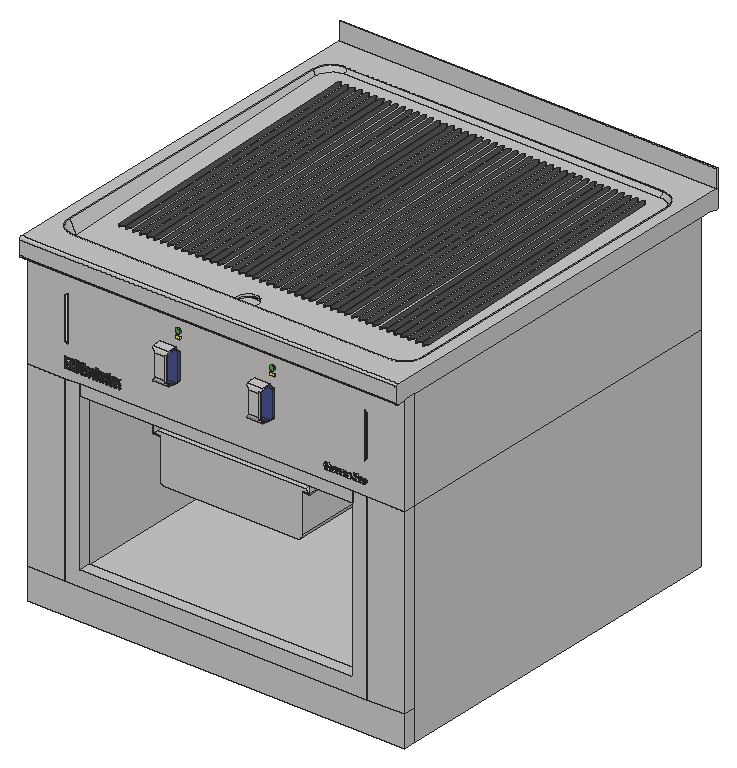
Revit family "QF_ELECTROLUXPROFESSIONAL_588670_MBHDGBHDAO", category Attrezzature speciali, Revit 2020 (continued)
Definition of nested family "Front_Panel_W800_2 Knobs_2Spie"
  Definition of nested family "ELX_Professional_Logo_Small"
    Forms (mm)
      Extrusion 2, solid, material <- "Material_Logo"
        sketch origin (15.5, 0, 0) x (1, 0, 0) y (0, 1, 0)
          loop
            spline (26.308, -1.569) -> (25.99, -1.554) -> (25.688, -1.509) -> (25.404, -1.434) -> (25.141, -1.326) -> (24.9, -1.187) -> (24.684, -1.014) -> (24.496, -0.807) -> (24.336, -0.565) -> (24.209, -0.288) -> (24.115, 0.026) -> (24.057, 0.376) -> (24.037, 0.765)
            line (24.037, 0.765) -> (24.037, 6.838) -> (21.537, 6.838) -> (21.537, 0.558)
            spline (21.537, 0.558) -> (21.581, -0.153) -> (21.71, -0.8) -> (21.916, -1.384) -> (22.195, -1.904) -> (22.54, -2.362) -> (22.944, -2.757) -> (23.403, -3.09) -> (23.909, -3.362) -> (24.456, -3.572) -> (25.04, -3.722) -> (25.652, -3.811) -> (26.288, -3.841)
            spline (26.288, -3.841) -> (26.929, -3.811) -> (27.547, -3.72) -> (28.135, -3.568) -> (28.687, -3.355) -> (29.197, -3.079) -> (29.66, -2.741) -> (30.068, -2.341) -> (30.415, -1.877) -> (30.696, -1.349) -> (30.905, -0.757) -> (31.034, -0.101) -> (31.079, 0.621)
            line (31.079, 0.621) -> (31.079, 6.838) -> (28.581, 6.838)
          loop
            line (40.457, -0.243) -> (38.894, 1.942) -> (40.83, 4.579) -> (42.488, 6.837) -> (39.782, 6.837) -> (37.53, 3.719) -> (35.258, 6.837) -> (32.573, 6.837) -> (34.113, 4.731) -> (36.167, 1.922) -> (34.014, -1.076) -> (32.222, -3.573) -> (34.887, -3.573) -> (37.53, 0.104) -> (40.174, -3.573) -> (42.839, -3.573) -> (40.457, -0.243)
          loop
            line (-46.121, -5.837) -> (-48.039, -5.837) -> (-48.039, -10.814) -> (-47.016, -10.814) -> (-47.016, -9.128) -> (-46.121, -9.128)
            arc (-46.121, -9.128) -> (-44.476, -7.482) -> (-46.121, -5.837) r 1.645
          loop
            line (-46.163, -6.778) -> (-47.016, -6.778) -> (-47.016, -8.187) -> (-46.163, -8.187)
            arc (-46.163, -8.187) -> (-45.458, -7.482) -> (-46.163, -6.778) r 0.704
          loop
            line (-38.313, -5.837) -> (-40.265, -5.837) -> (-40.265, -10.814) -> (-39.241, -10.814) -> (-39.241, -9.1) -> (-38.46, -9.182) -> (-37.48, -10.814) -> (-36.318, -10.814) -> (-37.513, -8.848)
            arc (-37.513, -8.848) -> (-36.888, -8.266) -> (-36.671, -7.441) r 1.536
            arc (-36.671, -7.441) -> (-37.165, -6.305) -> (-38.313, -5.837) r 1.643
          loop
            arc (-38.402, -8.166) -> (-37.707, -7.505) -> (-38.334, -6.778) r 0.696
            line (-38.334, -6.778) -> (-39.241, -6.778) -> (-39.241, -8.166) -> (-38.402, -8.166)
          loop
            circle (-29.965, -8.325) r 2.585
          loop
            circle (-29.965, -8.325) r 1.64
          loop
            line (-23.1, -5.837) -> (-23.1, -10.814) -> (-22.076, -10.814) -> (-22.076, -8.768) -> (-20.204, -8.768) -> (-20.204, -7.828) -> (-22.076, -7.828) -> (-22.076, -6.778) -> (-20.024, -6.778) -> (-20.024, -5.837) -> (-23.1, -5.837)
          loop
            line (-15.802, -5.837) -> (-15.802, -9.2)
            arc (-15.802, -9.2) -> (-15.343, -10.34) -> (-14.209, -10.814) r 1.593
            line (-14.209, -10.814) -> (-12.602, -10.814) -> (-12.602, -10.027) -> (-14.004, -10.027)
            arc (-14.004, -10.027) -> (-14.552, -9.8) -> (-14.779, -9.252) r 0.775
            line (-14.779, -9.252) -> (-14.779, -8.424) -> (-12.789, -8.424) -> (-12.789, -7.642) -> (-14.779, -7.642) -> (-14.779, -6.778) -> (-12.651, -6.778) -> (-12.651, -5.837) -> (-15.802, -5.837)
          loop
            line (-5.909, -7.143) -> (-5.173, -6.638)
            arc (-5.173, -6.638) -> (-5.855, -5.974) -> (-6.781, -5.755) r 1.782
            arc (-6.781, -5.755) -> (-7.397, -5.878) -> (-7.944, -6.189) r 1.974
            arc (-7.944, -6.189) -> (-8.202, -6.5) -> (-8.317, -6.888) r 1.013
            arc (-8.317, -6.888) -> (-8.306, -7.341) -> (-8.192, -7.78) r 1.985
            arc (-8.192, -7.78) -> (-7.749, -8.259) -> (-7.171, -8.563) r 1.928
            arc (-7.171, -8.563) -> (-6.637, -8.779) -> (-6.131, -9.056) r 5.041
            arc (-6.131, -9.056) -> (-5.934, -9.387) -> (-6.09, -9.74) r 0.42
            arc (-6.09, -9.74) -> (-6.631, -9.96) -> (-7.204, -9.845) r 1.016
            arc (-7.204, -9.845) -> (-7.625, -9.603) -> (-7.889, -9.196) r 1.033
            line (-7.889, -9.196) -> (-8.67, -9.686)
            arc (-8.67, -9.686) -> (-8.361, -10.198) -> (-7.908, -10.589) r 1.914
            arc (-7.908, -10.589) -> (-7.334, -10.834) -> (-6.714, -10.896) r 2.063
            arc (-6.714, -10.896) -> (-5.947, -10.743) -> (-5.256, -10.376) r 2.696
            arc (-5.256, -10.376) -> (-4.95, -9.565) -> (-5.108, -8.712) r 1.618
            arc (-5.108, -8.712) -> (-5.448, -8.319) -> (-5.884, -8.035) r 1.876
            arc (-5.884, -8.035) -> (-6.434, -7.789) -> (-6.999, -7.577) r 9.883
            arc (-6.999, -7.577) -> (-7.325, -7.07) -> (-6.854, -6.694) r 0.45
            arc (-6.854, -6.694) -> (-6.329, -6.809) -> (-5.909, -7.143) r 1.197
          loop
            line (1.61, -7.143) -> (2.345, -6.638)
            arc (2.345, -6.638) -> (1.663, -5.974) -> (0.737, -5.755) r 1.782
            arc (0.737, -5.755) -> (0.121, -5.878) -> (-0.425, -6.189) r 1.974
            arc (-0.425, -6.189) -> (-0.683, -6.5) -> (-0.799, -6.888) r 1.013
            arc (-0.799, -6.888) -> (-0.788, -7.341) -> (-0.674, -7.78) r 1.985
            arc (-0.674, -7.78) -> (-0.231, -8.259) -> (0.347, -8.563) r 1.928
            arc (0.347, -8.563) -> (0.881, -8.779) -> (1.387, -9.056) r 5.041
            arc (1.387, -9.056) -> (1.584, -9.387) -> (1.428, -9.74) r 0.42
            arc (1.428, -9.74) -> (0.887, -9.96) -> (0.314, -9.845) r 1.016
            arc (0.314, -9.845) -> (-0.107, -9.603) -> (-0.371, -9.196) r 1.033
            line (-0.371, -9.196) -> (-1.152, -9.686)
            arc (-1.152, -9.686) -> (-0.842, -10.198) -> (-0.39, -10.589) r 1.914
            arc (-0.39, -10.589) -> (0.184, -10.834) -> (0.804, -10.896) r 2.063
            arc (0.804, -10.896) -> (1.572, -10.743) -> (2.263, -10.376) r 2.696
            arc (2.263, -10.376) -> (2.568, -9.565) -> (2.411, -8.712) r 1.618
            arc (2.411, -8.712) -> (2.07, -8.319) -> (1.635, -8.035) r 1.876
            arc (1.635, -8.035) -> (1.084, -7.789) -> (0.519, -7.577) r 9.883
            arc (0.519, -7.577) -> (0.193, -7.07) -> (0.665, -6.694) r 0.45
            arc (0.665, -6.694) -> (1.189, -6.809) -> (1.61, -7.143) r 1.197
          loop
            line (6.801, -5.837) -> (6.801, -10.814) -> (7.825, -10.814) -> (7.825, -5.837) -> (6.801, -5.837)
          loop
            circle (14.724, -8.325) r 1.548
          loop
            circle (14.724, -8.325) r 2.585
          loop
            line (21.59, -10.814) -> (22.623, -10.814) -> (22.623, -7.685) -> (24.9, -10.814) -> (25.895, -10.814) -> (25.895, -5.837) -> (24.861, -5.837) -> (24.861, -9.061) -> (22.585, -5.837) -> (21.59, -5.837) -> (21.59, -10.814)
          loop
            line (31.054, -10.814) -> (31.539, -9.74) -> (33.38, -9.74) -> (33.865, -10.814) -> (34.965, -10.814) -> (32.46, -5.837) -> (29.956, -10.814) -> (31.054, -10.814)
          loop
            line (32.46, -7.698) -> (31.999, -8.719) -> (32.921, -8.719) -> (32.46, -7.698)
          loop
            line (40.047, -9.873) -> (40.047, -5.837) -> (39.024, -5.837) -> (39.024, -10.814) -> (41.961, -10.814) -> (41.961, -9.873) -> (40.047, -9.873)
          loop
            line (-74.986, -10.814) -> (-53.322, -10.814) -> (-53.322, 10.82) -> (-74.986, 10.82) -> (-74.986, -10.814)
          loop
            line (-61.261, 9.758) -> (-61.261, -9.707)
            arc (-61.261, -9.707) -> (-54.066, 0.025) -> (-61.261, 9.758) r 10.18
          loop
            line (-62.251, 8.349) -> (-62.251, 9.758)
            arc (-62.251, 9.758) -> (-70.347, 7.918) -> (-74.247, 0.59) r 9.976
            line (-74.247, 0.59) -> (-71.026, 0.59)
            arc (-71.026, 0.59) -> (-65.274, 2.925) -> (-62.251, 8.349) r 9.351
          loop
            arc (-74.247, -0.539) -> (-70.353, -7.928) -> (-62.251, -9.957) r 10.237
            line (-62.251, -9.957) -> (-62.251, -8.298)
            arc (-62.251, -8.298) -> (-65.274, -2.874) -> (-71.026, -0.539) r 9.351
            line (-71.026, -0.539) -> (-74.247, -0.539)
        from 0 to 1.644
    Dimensions and locks
      aligned and locked: plane 2 to Extrusion 1
      aligned and locked: level to Extrusion 1
Definition of nested family "Rib_D12"
  Parameters
    Show Clearance [instance] = yes
    Model = ""
    Lenght [instance] = 588 mm
    Default Elevation = 0 mm
  Reference planes
    plane 1 "Center (Front/Back)": y = -11.07
    plane 2: z = 0
    plane 3 "Center (Left/Right)": x = 0
    plane 4 "Back": y = 282.93
    plane 5 "Front": y = -305.07
  Forms (mm)
    Extrusion 1, solid
      sketch origin (0, -919.2, 0) x (1, 0, 0) y (0, 1, 0)
        loop
          line (-198.75, 1399.2) -> (-198.75, 386.445) -> (165.741, 386.445) -> (165.741, 1399.2) -> (-198.75, 1399.2)
      from 0 to -59.546
    Extrusion 2, solid
      sketch origin (0, -11.07, -267.484) x (1, 0, 0) y (0, 0, 1)
        loop
          line (-6, 267.484) -> (6, 267.484)
          arc (6, 267.484) -> (0, 269.184) -> (-6, 267.484) r 11.438
      from -294 to 294
    Extrusion 3, void
      sketch origin (0, 0, 0) x (1, 0, 0) y (0, 1, 0)
        loop
          line (-6, 274.93) -> (-2.484, 281.02)
          arc (-2.484, 281.02) -> (0, 282.454) -> (2.484, 281.02) r 2.868
          line (2.484, 281.02) -> (6, 274.93) -> (6, 282.93) -> (-6, 282.93) -> (-6, 274.93)
        loop
          line (-6, -297.07) -> (-6, -305.07) -> (6, -305.07) -> (6, -297.07) -> (2.484, -303.16)
          arc (2.484, -303.16) -> (0, -304.594) -> (-2.484, -303.16) r 2.868
          line (-2.484, -303.16) -> (-6, -297.07)
      from 0 to 2
  Cuts and joins
    Extrusion 3 cuts Extrusion 2
  Lines and regions (mm)
    symbolic lines
      curve 1: line (64.247, -11.07, 0) -> (64.247, -11.07, 4)
      curve 2: line (64.247, -11.07, 4) -> (-64.765, -11.07, 4)
      curve 3: line (-64.765, -11.07, 4) -> (-64.765, -11.07, 0)
      curve 4: line (-40, -11.07, 8) -> (-40, -11.07, 4)
      curve 5: line (40, -11.07, 8) -> (40, -11.07, 4)
      curve 6: line (40, -11.07, 8) -> (-40, -11.07, 8)
      curve 7: line (6, -297.07, 0) -> (6, 274.93, 0)
      curve 8: line (-6, 274.93, 0) -> (-6, -297.07, 0)
      curve 9: line (-6, 274.93, 0) -> (-2.484, 281.02, 0)
      curve 10: line (2.484, 281.02, 0) -> (6, 274.93, 0)
      curve 11: arc (-2.484, 281.02, 0) -> (0, 282.454, 0) -> (2.484, 281.02, 0) r 2.868
      curve 12: line (-2.484, -303.16, 0) -> (-6, -297.07, 0)
      curve 13: arc (2.484, -303.16, 0) -> (0, -304.594, 0) -> (-2.484, -303.16, 0) r 2.868
      curve 14: line (6, -297.07, 0) -> (2.484, -303.16, 0)
  Dimensions and locks
    "Lenght": plane 4 "Back" to plane 5 "Front"
    equal spacing: plane 4 "Back", plane 1 "Center (Front/Back)", plane 5 "Front"
    aligned and locked: plane 2 to Extrusion 1
    aligned and locked: level to Extrusion 1
    aligned and locked: plane 4 "Back" to Extrusion 2
    aligned and locked: Extrusion 2 to plane 5 "Front"
  Automatic sketch dimensions
    curve 3 to level = 0 mm
    curve 1 to level = 0 mm
    level to curve 3 = 4 mm
    curve 3 to plane 3 "Center (Left/Right)" = 64.765 mm
    level to curve 6 = 8 mm
    curve 2 to curve 6 = 24.765 mm
    plane 3 "Center (Left/Right)" to curve 5 = 40 mm
    curve 5 to curve 1 = 24.247 mm
    Extrusion 1 sketch curve to Extrusion 1 sketch curve = 364.491 mm
    Extrusion 1 sketch curve to Extrusion 1 sketch curve = 1012.755 mm
    Extrusion 3 sketch curve to plane 3 "Center (Left/Right)" = 0 mm  (x2)
    Extrusion 3 sketch curve to plane 3 "Center (Left/Right)" = 2.484 mm  (x2)
    Extrusion 3 sketch curve to plane 3 "Center (Left/Right)" = 6 mm
    Extrusion 3 sketch curve to Extrusion 3 sketch curve = 3.516 mm  (x2)
    plane 3 "Center (Left/Right)" to Extrusion 3 sketch curve = 2.484 mm  (x2)
    plane 3 "Center (Left/Right)" to Extrusion 3 sketch curve = 6 mm
    plane 5 "Front" to Extrusion 3 sketch curve = 0 mm
    Extrusion 3 sketch curve to Extrusion 3 sketch curve = 1.91 mm  (x2)
    Extrusion 3 sketch curve to Extrusion 3 sketch curve = 1.434 mm  (x2)
    Extrusion 3 sketch curve to Extrusion 3 sketch curve = 6.09 mm  (x2)
    Extrusion 3 sketch curve to plane 4 "Back" = 8 mm
    Extrusion 3 sketch curve to Extrusion 3 sketch curve = 0 mm
    Extrusion 3 sketch curve to Extrusion 3 sketch curve = 4.656 mm
    curve 9 to plane 3 "Center (Left/Right)" = 6 mm
    curve 8 to plane 4 "Back" = 8 mm
    curve 9 to plane 3 "Center (Left/Right)" = 2.484 mm
    plane 3 "Center (Left/Right)" to curve 7 = 6 mm
    plane 5 "Front" to curve 8 = 8 mm
    plane 5 "Front" to curve 7 = 8 mm
    curve 7 to plane 4 "Back" = 8 mm
    curve 9 to plane 4 "Back" = 1.91 mm
    plane 3 "Center (Left/Right)" to curve 10 = 2.484 mm
    curve 10 to plane 4 "Back" = 1.91 mm
    curve 11 to curve 9 = 1.434 mm
    curve 12 to plane 3 "Center (Left/Right)" = 2.484 mm
    plane 5 "Front" to curve 12 = 1.91 mm
    curve 13 to plane 3 "Center (Left/Right)" = 0 mm
    curve 13 to curve 13 = 1.434 mm
    plane 5 "Front" to curve 13 = 1.91 mm
    Extrusion 2 sketch curve to plane 3 "Center (Left/Right)" = 0 mm
    Extrusion 2 sketch curve to plane 3 "Center (Left/Right)" = 6 mm
    Extrusion 2 sketch curve to level = 9.738 mm
    Extrusion 2 sketch curve to Extrusion 2 sketch curve = 9.738 mm
Definition of nested family "QF_ELECTROLUXPROFESSIONAL_588643_MB1NCAHOOO"
  Parameters
    Weight in Pounds = 143.3
    URL Cutsheet = ""
    Type Mark [instance] = ""
    Specification by User [instance] = ""
    Specification by Manufacturer = ""
    Serial Number = ""
    Seismic Rating = ""
    SMACNA No = ""
    Revision Code [instance] = ""
    Default Elevation = 0 mm
    Omniclass Number and Title = ""
    NAFEM Spec ID Number = ""
    Model = "588643"
    Masterspec = ""
    Manufacturer = "Electrolux Professional"
    Item Number [instance] = ""
    Installed By [instance] = ""
    Identify Quantity as Lot [instance] = yes
    Furnished By [instance] = ""
    Foodservice Equipment Identifier [instance] = yes
    Description = ""
    CSI MasterFormat = ""
    CSI Master Format = ""
  Reference planes
    plane 1 "BACK": y = 0
    plane 2: z = 0
    plane 3 "LEFT": x = 0
    plane 4 "RIGHT": x = 800
    plane 5 "FRONT": y = -850
    plane 6 "PLAIN": z = 900
    plane 7 "Center (Left/Right)": x = 400
    plane 8 "Center (Front/Back)": y = -425
    plane 9 "TOP": z = 650
    plane 10 "BASE": z = 200
    plane 11: x = 722
    plane 12: x = 78
    plane 13 "Feet_back": y = -150
    plane 14 "Feet_Front": y = -720
    plane 15: x = 80
    plane 16: x = 720
    plane 17: z = 265
    plane 18: y = -45
    plane 19: y = -805
    plane 20: y = -70
    plane 21: y = -830
    plane 22 "ButtonZ": z = 590
  Forms (mm)
    Extrusion 1, solid
      sketch origin (0, 0, 650) x (0, 1, 0) y (0, 0, 1)
        loop
          line (-45, -450) -> (-45, 0) -> (-805, 0) -> (-805, -450) -> (-45, -450)
      from 0 to 800
    Extrusion 2, solid
      sketch origin (0, 0, 650) x (0, 1, 0) y (0, 0, 1)
        loop
          line (-830, -450) -> (-805, -450) -> (-805, -385) -> (-830, -385) -> (-830, -450)
      from 0 to 800
    Extrusion 3, void
      sketch origin (0, -850, 0) x (1, 0, 0) y (0, 0, 1)
        loop
          line (80, 650) -> (80, 265) -> (720, 265) -> (720, 650) -> (80, 650)
      from 0 to -780
    Extrusion 4, solid
      sketch origin (0, -850, 0) x (1, 0, 0) y (0, 0, 1)
        loop
          line (110, 650) -> (110, 627) -> (690, 627) -> (690, 650) -> (110, 650)
      from -20 to -805
    Extrusion 5, solid
      sketch origin (0, -850, 0) x (1, 0, 0) y (0, 0, 1)
        loop
          line (80, 650) -> (80, 265) -> (720, 265) -> (720, 650) -> (690, 650) -> (690, 295) -> (110, 295) -> (110, 650) -> (80, 650)
      from -45 to -780
    Extrusion 6, solid
      sketch origin (0, -850, 0) x (1, 0, 0) y (0, 0, 1)
        loop
          line (0, 650) -> (0, 265) -> (80, 265) -> (80, 650) -> (0, 650)
      from -20 to -45
    Extrusion 7, solid
      sketch origin (0, -850, 0) x (1, 0, 0) y (0, 0, 1)
        loop
          line (720, 650) -> (720, 265) -> (800, 265) -> (800, 650) -> (720, 650)
      from -20 to -45
    Extrusion 8, solid
      sketch origin (85, -850, 0) x (1, 0, 0) y (0, 0, 1)
        loop
          line (-5, 650) -> (-5, 265) -> (635, 265) -> (635, 650) -> (605, 650) -> (605, 297) -> (25, 297) -> (25, 650) -> (-5, 650)
      from -20 to -45
  Cuts and joins
    Extrusion 3 cuts Extrusion 1
    joined: Extrusion 1, Extrusion 4, Extrusion 5
  Lines and regions (mm)
    symbolic lines
      curve 1: line (0, 0, 0) -> (800, 0, 0)
      curve 2: line (0, -850, 0) -> (0, 0, 0)
      curve 3: line (800, -850, 0) -> (0, -850, 0)
      curve 4: line (800, 0, 0) -> (800, -850, 0)
  Dimensions and locks
    plane 3 "LEFT" to plane 4 "RIGHT" = 800 mm
    plane 5 "FRONT" to plane 1 "BACK" = 850 mm
    equal spacing: plane 3 "LEFT", plane 7 "Center (Left/Right)", plane 4 "RIGHT"
    equal spacing: plane 5 "FRONT", plane 8 "Center (Front/Back)", plane 1 "BACK"
    plane 6 "PLAIN" to plane 9 "TOP" = 250 mm
    plane 10 "BASE" to level = 200 mm
    plane 9 "TOP" to plane 10 "BASE" = 450 mm
    locked: plane 1 "BACK" to plane 13 "Feet_back" at 150
    locked: plane 14 "Feet_Front" to plane 5 "FRONT" at 130
    locked: plane 12 to plane 3 "LEFT" at 78
    locked: plane 11 to plane 4 "RIGHT" at 78
    plane 16 to plane 15 = 640 mm
    equal spacing: plane 16, plane 7 "Center (Left/Right)", plane 15
    locked: plane 17 to plane 10 "BASE" at 65
    locked: plane 1 "BACK" to plane 18 at 45
    plane 9 "TOP" to Extrusion 4 sketch curve = 23 mm
    locked: Extrusion 4 sketch curve to plane 15 at 30
    locked: plane 16 to Extrusion 4 sketch curve at 30
    locked: Extrusion 5 sketch curve to plane 17 at 30
    plane 6 "PLAIN" to level = 900 mm
    Extrusion 5 to Extrusion 5 = 580 mm
    locked: plane 18 to plane 20 at 25
    locked: plane 21 to plane 5 "FRONT" at 20
    locked: plane 19 to plane 21 at 25
    plane 18 to plane 21 = 785 mm
    plane 22 "ButtonZ" to level = 590 mm
    aligned and locked: level to plane 2
    aligned and locked: Extrusion 1 to plane 4 "RIGHT"
    aligned and locked: Extrusion 1 to plane 3 "LEFT"
    aligned and locked: Extrusion 2 to plane 4 "RIGHT"
    aligned and locked: plane 9 "TOP" to Extrusion 3 sketch curve
    aligned and locked: Extrusion 3 sketch curve to plane 15
    aligned and locked: plane 16 to Extrusion 3 sketch curve
    aligned and locked: Extrusion 2 to plane 10 "BASE"
    aligned and locked: Extrusion 2 to plane 17
    aligned and locked: plane 17 to Extrusion 3 sketch curve
    aligned and locked: Extrusion 4 to plane 18
    aligned and locked: Extrusion 5 sketch curve to plane 15
    aligned and locked: plane 16 to Extrusion 5 sketch curve
    aligned and locked: plane 9 "TOP" to Extrusion 5 sketch curve  (x2)
    aligned and locked: plane 17 to Extrusion 5 sketch curve
    aligned and locked: Extrusion 5 sketch curve to Extrusion 4  (x2)
    aligned and locked: Extrusion 6 sketch curve to plane 9 "TOP"
    aligned and locked: plane 3 "LEFT" to Extrusion 6 sketch curve
    aligned and locked: Extrusion 6 sketch curve to plane 17
    aligned and locked: Extrusion 6 sketch curve to plane 15
    aligned and locked: Extrusion 7 sketch curve to plane 9 "TOP"
    aligned and locked: plane 16 to Extrusion 7 sketch curve
    aligned and locked: Extrusion 7 sketch curve to plane 17
    aligned and locked: plane 4 "RIGHT" to Extrusion 7 sketch curve
    aligned and locked: Extrusion 5 to plane 20
    aligned and locked: cut or joined group of Extrusion 1, Extrusion 3, Extrusion 4, Extrusion 5 to plane 20
    aligned and locked: cut or joined group of Extrusion 1, Extrusion 3, Extrusion 4, Extrusion 5 to plane 18
    aligned and locked: Extrusion 6 to plane 19
    aligned and locked: plane 21 to Extrusion 6
    aligned and locked: plane 21 to Extrusion 7
    aligned and locked: Extrusion 7 to plane 19
    aligned and locked: Extrusion 2 to plane 19
    aligned and locked: plane 21 to Extrusion 2
    aligned and locked: plane 19 to cut or joined group of Extrusion 1, Extrusion 3, Extrusion 4, Extrusion 5
    aligned and locked: Extrusion 8 sketch curve to plane 16
    aligned and locked: plane 15 to Extrusion 8 sketch curve
    aligned and locked: Extrusion 8 sketch curve to plane 17
    aligned and locked: plane 21 to cut or joined group of Extrusion 1, Extrusion 3, Extrusion 4, Extrusion 5
  Automatic sketch dimensions
    curve 3 to plane 3 "LEFT" = 0 mm
    curve 3 to plane 4 "RIGHT" = 0 mm
    plane 5 "FRONT" to curve 3 = 0 mm
    plane 1 "BACK" to curve 2 = 0 mm
    Extrusion 1 sketch curve to plane 10 "BASE" = 0 mm
    plane 19 to Extrusion 1 sketch curve = 0 mm
    Extrusion 1 sketch curve to plane 18 = 0 mm
    Extrusion 1 sketch curve to plane 9 "TOP" = 0 mm
    plane 17 to Extrusion 2 sketch curve = 0 mm
    Extrusion 2 sketch curve to plane 21 = 0 mm
    Extrusion 2 sketch curve to plane 10 "BASE" = 0 mm
    Extrusion 2 sketch curve to plane 19 = 0 mm
    Extrusion 4 sketch curve to plane 9 "TOP" = 0 mm
    Extrusion 8 sketch curve to plane 9 "TOP" = 0 mm  (x2)
    plane 15 to Extrusion 8 sketch curve = 30 mm
    Extrusion 8 sketch curve to plane 16 = 30 mm
    Extrusion 8 sketch curve to plane 17 = 32 mm
